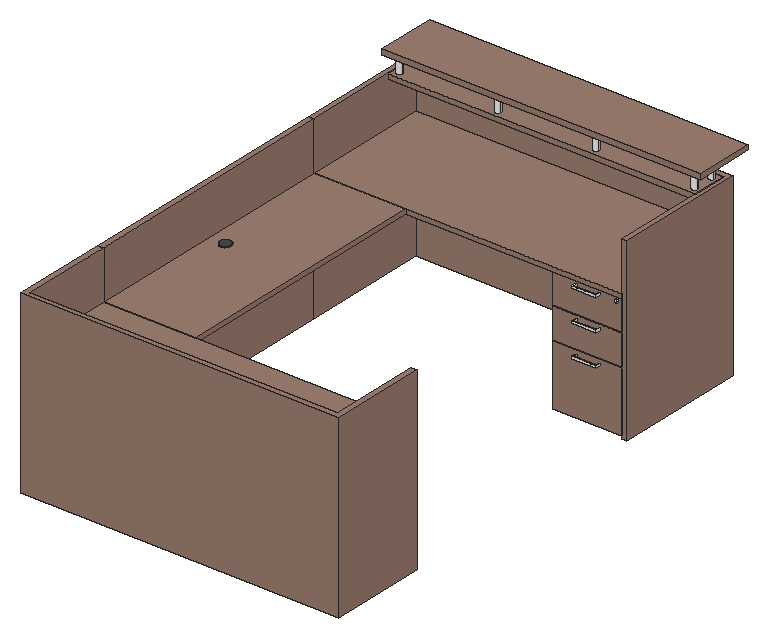
Revit family "T100016", category Furniture, Revit 2022
Family settings
  OmniClass Number = 23.40.20.00
  OmniClass Title = General Furniture and Specialties
  Work Plane-Based = No
  Always vertical = Yes
  Cut with Voids When Loaded = No
  Render Appearance Source = Family Geometry
  Shared = No
  Room Calculation Point = No
Parameters
  Default Elevation = 0' - 0"
Reference planes (in)
  plane 1 "Center Front/Back": y = 0
  plane 2: z = 0
  plane 3 "Center Left/Right": x = 0
Dimensions and locks (in)
  aligned and locked: level to plane 2
Nested families (in)
  nested 1: "OFS ELEMENT DESK PEDESTAL" at (-43.52271, 38.24399, 0), type "ELEMENT DESK PEDESTAL BOX/BOX/FILE RETURN"
  nested 2: "OFS ELEMENT U DESK 72in Width 60in Bridge" at (-70.52271, 27.90611, 0), type "ELEMENT U DESK LEFT 72in Width, 60In Bridge"
    with Desk Overlay Option yes
  nested 3: "OFS ELEMENT MULTI FILE PEDESTAL" at (-51.33521, -68, 0) x (-1, 0, 0) z (0, 0, 1), type "ELEMENT MULTI FILE PEDESTAL Right"
Definition of nested family "OFS ELEMENT DESK PEDESTAL"
  Parameters (values of type "ELEMENT DESK PEDESTAL FILE/FILE RETURN")
    Worksurface Material = none
    Width = 1' - 3 5/8"
    URL = "http://ofsbrands.com"
    Top Thickness = 0' - 0"
    Lateral Boads Thickness = 0' - 0 5/8"
    Frontboard Thickness = 0' - 0 3/4"
    Frontboard Space = 0' - 0 1/4"
    Drawer Handles Material = none
    Drawer Handle Width = 0' - 5 7/16"
    Drawer Handle Depth = 0' - 1"
    Drawer 1 Height = 1' - 2 1/2"
    Door Gap = 0' - 0 1/8"
    Depth = 2' - 3 5/8"
    Model = "EL-1628MFFC"
    Manufacturer = "OFS"
    Height = 2' - 4 13/16"
    Description = "OFS BRANDS OFS ELEMENT DESK PEDESTAL FILE/FILE RETURN, Two File Drawers"
    Default Elevation = 0' - 0"
    Copyright © = "© OFS BRANDS 2018"
    Chasis Material = none
    Catalog = "http://ofs.com/products/casegoods/reception/element"
    Bottomboard Thickness = 0' - 0 15/16"
    Bottom Board Offset = 0' - 0 9/16"
    Backboard Thickness = 0' - 0 15/16"
    Authoring Version = "Autodesk Revit Architecture 2013"
    Assembly Code = "E2020200"
    2 = no
    1 = yes
  Types (3): name | Model | Description | 2 | 1
    (no name) | "EL-1628MFFC" | "OFS BRANDS OFS ELEMENT DESK PEDESTAL FILE/FILE RETURN, Two File Drawers" | no | yes
    ELEMENT DESK PEDESTAL BOX/BOX/FILE RETURN | "EL-1628MBFC" | "OFS BRANDS OFS ELEMENT DESK PEDESTAL BOX/BOX/FILE RETURN, Two Box Drawers, One File Drawer" | yes | no
    ELEMENT DESK PEDESTAL FILE/FILE RETURN | "EL-1628MFFC" | "OFS BRANDS OFS ELEMENT DESK PEDESTAL FILE/FILE RETURN, Two File Drawers" | no | yes
  Reference planes (in)
    plane 1 "Center Front/Back": y = 0
    plane 2: z = 0
    plane 3 "Center Left/Right": x = 0
    plane 4 "Left End": x = -7.8125
    plane 5 "Front End": y = -27.625
    plane 6 "Right End": x = 7.8125
    plane 7 "Height Top": z = 28.8125
    plane 8: z = 0.5625
    plane 9: y = -0.9375
    plane 10: y = -27.375
    plane 11: x = 7.1875
    plane 12: x = -7.1875
    plane 13: y = -26.625
    plane 14: z = 1.5
    plane 15: z = 28.8125
    plane 16: x = 0
    plane 17: x = -2.71875
    plane 18: x = 2.71875
    plane 19: y = -28.375
    plane 20: y = -22.31418
    plane 21: x = -2.46875
    plane 22: y = -28.125
    plane 23: x = 2.46875
    plane 24: z = 27.8125
    plane 25: z = 27.3125
    plane 26: z = 14.5
    plane 27: z = 14.375
    plane 28: z = 21.65625
    plane 29: z = 21.53125
    plane 30: z = 20.65625
    plane 31: z = 20.15625
    plane 32: z = 13.5
    plane 33: z = 13
    plane 34: z = 14.96875
    plane 35: z = 14.03125
  Forms (in)
    Extrusion 1, solid, material <- "Chasis Material"
      sketch origin (-3.125, -5.41266, 0) x (1, 0, 0) y (0, 1, 0)
        loop
          line (-4.6875, 5.41266) -> (-4.6875, -21.21234) -> (-4.0625, -21.21234) -> (-4.0625, 5.41266) -> (-4.6875, 5.41266)
      from 0 to 28.8125
    Extrusion 2, solid, material <- "Chasis Material"
      sketch origin (37.875, -5.41266, 0) x (1, 0, 0) y (0, 1, 0)
        loop
          line (-30.6875, 5.41266) -> (-30.6875, -21.21234) -> (-30.0625, -21.21234) -> (-30.0625, 5.41266) -> (-30.6875, 5.41266)
      from 0 to 28.8125
    Extrusion 3, solid, material <- "Chasis Material"
      sketch origin (-5.10739, -10.02382, 0) x (1, 0, 0) y (0, 1, 0)
        loop
          line (-2.70511, -16.60118) -> (-2.70511, -17.35118) -> (12.91989, -17.35118) -> (12.91989, -16.60118) -> (-2.70511, -16.60118)
      from 0.5625 to 14.375
    Extrusion 4, solid, material <- "Chasis Material"
      sketch origin (0, 0, 0) x (1, 0, 0) y (0, 1, 0)
        loop
          line (-7.1875, -0.9375) -> (-7.1875, -26.625) -> (7.1875, -26.625) -> (7.1875, -0.9375) -> (-7.1875, -0.9375)
      from 0.5625 to 1.5
    Extrusion 5, solid, material <- "Drawer Handles Material"
      sketch origin (7.8125, 0, 0) x (1, 0, 0) y (0, 1, 0)
        loop
          line (-10.53125, -27.375) -> (-10.53125, -28.375) -> (-5.09375, -28.375) -> (-5.09375, -27.375) -> (-5.34375, -27.375) -> (-5.34375, -28.125) -> (-10.28125, -28.125) -> (-10.28125, -27.375) -> (-10.53125, -27.375)
      from 27.3125 to 27.8125
    Extrusion 6, solid, material <- "Drawer Handles Material", visible <- "2"
      sketch origin (7.8125, 0, -7.15625) x (1, 0, 0) y (0, 1, 0)
        loop
          line (-10.53125, -27.375) -> (-10.53125, -28.375) -> (-5.09375, -28.375) -> (-5.09375, -27.375) -> (-5.34375, -27.375) -> (-5.34375, -28.125) -> (-10.28125, -28.125) -> (-10.28125, -27.375) -> (-10.53125, -27.375)
      from 27.3125 to 27.8125
    Extrusion 7, solid, material <- "Drawer Handles Material"
      sketch origin (7.8125, 0, -14.3125) x (1, 0, 0) y (0, 1, 0)
        loop
          line (-10.53125, -27.375) -> (-10.53125, -28.375) -> (-5.09375, -28.375) -> (-5.09375, -27.375) -> (-5.34375, -27.375) -> (-5.34375, -28.125) -> (-10.28125, -28.125) -> (-10.28125, -27.375) -> (-10.53125, -27.375)
      from 27.3125 to 27.8125
    Extrusion 8, solid, material <- "Chasis Material", visible <- "1"
      sketch origin (-5.10739, -10.02382, 10.75) x (1, 0, 0) y (0, 1, 0)
        loop
          line (-2.70511, -16.60118) -> (-2.70511, -17.35118) -> (12.91989, -17.35118) -> (12.91989, -16.60118) -> (-2.70511, -16.60118)
      from 3.75 to 18.0625
    Extrusion 9, solid, material <- "Chasis Material", visible <- "2"
      sketch origin (-18.01928, -10.02382, 13.32115) x (-1, 0, 0) y (0, -1, 0)
        loop
          line (-25.83178, 16.60118) -> (-10.20678, 16.60118) -> (-10.20678, 17.35118) -> (-25.83178, 17.35118) -> (-25.83178, 16.60118)
      from 8.3351 to 15.49135
    Extrusion 10, solid, material <- "Chasis Material", visible <- "2"
      sketch origin (-20.85209, -10.02382, 6.64749) x (-1, 0, 0) y (0, -1, 0)
        loop
          line (-28.66459, 16.60118) -> (-13.03959, 16.60118) -> (-13.03959, 17.35118) -> (-28.66459, 17.35118) -> (-28.66459, 16.60118)
      from 7.85251 to 14.88376
    Extrusion 11, solid, material <- "Chasis Material"
      sketch origin (0, 0, 0) x (0, 1, 0) y (0, 0, 1)
        loop
          line (-22.87008, 28.23707) -> (-22.87008, 27.4375) -> (-20.37008, 27.4375) -> (-20.37008, 28.23707) -> (-22.87008, 28.23707)
        loop
          line (-2.53617, 27.4375) -> (-0.03617, 27.4375) -> (-0.03617, 28.23707) -> (-2.53617, 28.23707) -> (-2.53617, 27.4375)
        loop
          line (-0.9375, 23.05758) -> (-0.07543, 23.05758) -> (-0.07543, 25.55758) -> (-0.9375, 25.55758) -> (-0.9375, 23.05758)
        loop
          line (-0.9375, 3.00492) -> (-0.07543, 3.00492) -> (-0.07543, 5.50492) -> (-0.9375, 5.50492) -> (-0.9375, 3.00492)
      from -7.1875 to 7.1875
    Extrusion 12, solid, material <- "Chasis Material"
      sketch origin (0, 0, 0) x (1, 0, 0) y (0, 0, 1)
        loop
          line (-7.1875, 14.96875) -> (-7.1875, 14.03125) -> (7.1875, 14.03125) -> (7.1875, 14.96875) -> (-7.1875, 14.96875)
      from 0.9375 to 26.625
    Blend 13, solid, material <- "Drawer Handles Material"
      base sketch origin (-45.26475, -5.625, 1.53469) x (1, 0, 0) y (0, 0, 1)
        loop
          circle (51.8743, 26.01563) r 0.31101
      top sketch origin (-45.26475, -5.625, 1.53469) x (1, 0, 0) y (0, 0, 1)
        loop
          circle (51.8743, 26.01563) r 0.25
      from 21.75 to 22
  Dimensions and locks (in)
    "Height": plane 7 "Height Top" to level
    "Bottom Board Offset": plane 8 to level
    "Depth": plane 5 "Front End" to plane 1 "Center Front/Back"
    equal spacing: plane 4 "Left End", plane 3 "Center Left/Right", plane 6 "Right End"
    "Width": plane 4 "Left End" to plane 6 "Right End"
    "Backboard Thickness": plane 9 to plane 1 "Center Front/Back"
    "Frontboard Space": plane 10 to plane 5 "Front End"
    "Lateral Boads Thickness": plane 4 "Left End" to plane 12
    "Lateral Boads Thickness": plane 11 to plane 6 "Right End"
    "Frontboard Thickness": plane 13 to plane 10
    "Bottomboard Thickness": plane 14 to plane 8
    "Top Thickness": plane 7 "Height Top" to plane 15
    equal spacing: plane 17, plane 16, plane 18
    "Drawer Handle Width": plane 17 to plane 18
    "Drawer Handle Depth": plane 10 to plane 19
    locked: plane 17 to plane 21 at 0.25
    locked: plane 22 to plane 19 at 0.25
    locked: plane 18 to plane 23 at 0.25
    locked: plane 15 to plane 24 at 1
    locked: plane 24 to plane 25 at 0.5
    "Drawer 1 Height": plane 26 to level
    "Door Gap": plane 26 to plane 27
    equal spacing: plane 15, plane 28, plane 26
    "Door Gap": plane 28 to plane 29
    locked: plane 28 to plane 30 at 1
    locked: plane 30 to plane 31 at 0.5
    locked: plane 26 to plane 32 at 1
    locked: plane 32 to plane 33 at 0.5
    equal spacing: plane 34, plane 26, plane 35
    "Backboard Thickness": plane 34 to plane 35
    aligned and locked: level to plane 2
    aligned and locked: Extrusion 1 to plane 4 "Left End"
    aligned and locked: Extrusion 1 to plane 12
    aligned and locked: Extrusion 1 to plane 1 "Center Front/Back"
    aligned and locked: Extrusion 1 to plane 13
    aligned and locked: Extrusion 2 to plane 1 "Center Front/Back"
    aligned and locked: Extrusion 2 to plane 13
    aligned and locked: plane 11 to Extrusion 2
    aligned and locked: Extrusion 2 to plane 6 "Right End"
    aligned and locked: Extrusion 3 to plane 10
    aligned and locked: plane 13 to Extrusion 3
    aligned and locked: Extrusion 3 to plane 4 "Left End"
    aligned and locked: Extrusion 1 to plane 15
    aligned and locked: Extrusion 2 to plane 15
    aligned and locked: Extrusion 3 to plane 8
    aligned and locked: Extrusion 2 to level
    aligned and locked: Extrusion 1 to level
    aligned and locked: Extrusion 4 sketch curve to plane 9
    aligned and locked: Extrusion 4 sketch curve to plane 12
    aligned and locked: plane 11 to Extrusion 4 sketch curve
    aligned and locked: plane 13 to Extrusion 4 sketch curve
    aligned and locked: Extrusion 4 to plane 8
    aligned and locked: plane 14 to Extrusion 4
    aligned and locked: Extrusion 5 sketch curve to plane 17
    aligned and locked: Extrusion 5 sketch curve to plane 10  (x2)
    aligned and locked: Extrusion 5 sketch curve to plane 22
    aligned and locked: plane 18 to Extrusion 5 sketch curve
    aligned and locked: Extrusion 5 sketch curve to plane 23
    aligned and locked: plane 24 to Extrusion 5
    aligned and locked: Extrusion 5 to plane 25
    aligned and locked: plane 30 to Extrusion 6
    aligned and locked: Extrusion 6 to plane 31
    aligned and locked: plane 32 to Extrusion 7
    aligned and locked: Extrusion 7 to plane 33
    aligned and locked: plane 27 to Extrusion 3
    aligned and locked: Extrusion 8 to plane 4 "Left End"
    aligned and locked: Extrusion 9 to plane 28
    aligned and locked: plane 29 to Extrusion 10
    aligned and locked: Extrusion 10 to plane 26
    aligned and locked: Extrusion 9 to plane 15
    aligned and locked: Extrusion 8 to plane 15
    aligned and locked: Extrusion 8 to plane 26
    aligned and locked: plane 12 to Extrusion 11
    aligned and locked: Extrusion 11 to plane 11
    aligned and locked: plane 11 to Extrusion 12 sketch curve
    aligned and locked: Extrusion 12 sketch curve to plane 12
    aligned and locked: Extrusion 12 sketch curve to plane 34
    aligned and locked: Extrusion 12 sketch curve to plane 35
    aligned and locked: Extrusion 12 to plane 13
    aligned and locked: plane 9 to Extrusion 12
    aligned and locked: Extrusion 9 to plane 6 "Right End"
    aligned and locked: Extrusion 8 to plane 6 "Right End"
    aligned and locked: Extrusion 10 to plane 6 "Right End"
    aligned and locked: Extrusion 3 to plane 6 "Right End"
    aligned and locked: plane 16 to plane 3 "Center Left/Right"
  Automatic sketch dimensions
    Extrusion 1 sketch curve to plane 4 "Left End" = 0' - 0"
    Extrusion 1 sketch curve to plane 12 = 0' - 0"
    Extrusion 1 sketch curve to plane 13 = 0' - 0"
    plane 1 "Center Front/Back" to Extrusion 1 sketch curve = 0' - 0"
    Extrusion 2 sketch curve to plane 11 = 0' - 0"
    Extrusion 2 sketch curve to plane 6 "Right End" = 0' - 0"
    Extrusion 2 sketch curve to plane 13 = 0' - 0"
    plane 1 "Center Front/Back" to Extrusion 2 sketch curve = 0' - 0"
    Extrusion 3 sketch curve to plane 4 "Left End" = 0' - 0"
    Extrusion 3 sketch curve to plane 10 = 0' - 0"
    Extrusion 3 sketch curve to plane 13 = 0' - 0"
    Extrusion 5 sketch curve to plane 21 = 0' - 0"
    Extrusion 5 sketch curve to plane 19 = 0' - 0"
    Extrusion 6 sketch curve to plane 10 = 0' - 0"  (x2)
    Extrusion 6 sketch curve to plane 17 = 0' - 0"
    Extrusion 6 sketch curve to plane 21 = 0' - 0"
    Extrusion 6 sketch curve to plane 23 = 0' - 0"
    Extrusion 6 sketch curve to plane 18 = 0' - 0"
    Extrusion 6 sketch curve to plane 19 = 0' - 0"
    plane 22 to Extrusion 6 sketch curve = 0' - 0"
    Extrusion 7 sketch curve to plane 10 = 0' - 0"  (x2)
    Extrusion 7 sketch curve to plane 17 = 0' - 0"
    Extrusion 7 sketch curve to plane 21 = 0' - 0"
    Extrusion 7 sketch curve to plane 23 = 0' - 0"
    Extrusion 7 sketch curve to plane 18 = 0' - 0"
    Extrusion 7 sketch curve to plane 19 = 0' - 0"
    plane 22 to Extrusion 7 sketch curve = 0' - 0"
    Extrusion 8 sketch curve to plane 4 "Left End" = 0' - 0"
    Extrusion 8 sketch curve to plane 10 = 0' - 0"
    Extrusion 8 sketch curve to plane 13 = 0' - 0"
    Extrusion 9 sketch curve to plane 10 = 0' - 0"
    Extrusion 9 sketch curve to plane 4 "Left End" = 0' - 0"
    Extrusion 9 sketch curve to plane 13 = 0' - 0"
    Extrusion 10 sketch curve to plane 10 = 0' - 0"
    Extrusion 10 sketch curve to plane 4 "Left End" = 0' - 0"
    Extrusion 10 sketch curve to plane 13 = 0' - 0"
    Extrusion 11 sketch curve to plane 9 = 0' - 0"  (x2)
    plane 1 "Center Front/Back" to Extrusion 11 sketch curve = 0' - 0.07543"  (x2)
    plane 14 to Extrusion 11 sketch curve = 0' - 1.50492"
    plane 25 to Extrusion 11 sketch curve = 0' - 0 1/8"  (x2)
    Extrusion 11 sketch curve to plane 9 = 0' - 1.59867"
    plane 13 to Extrusion 11 sketch curve = 0' - 6.25492"
    plane 24 to Extrusion 11 sketch curve = 0' - 0.42457"  (x2)
    Extrusion 11 sketch curve to Extrusion 11 sketch curve = 0' - 2 1/2"  (x2)
    plane 1 "Center Front/Back" to Extrusion 11 sketch curve = 0' - 0.03617"
    plane 28 to Extrusion 11 sketch curve = 0' - 1.40133"
    Extrusion 11 sketch curve to plane 25 = 0' - 1.75492"
    plane 3 "Center Left/Right" to Extrusion 3 sketch curve = 0' - 7 13/16"
    plane 3 "Center Left/Right" to Extrusion 8 sketch curve = 0' - 7 13/16"
    plane 3 "Center Left/Right" to Extrusion 9 sketch curve = 0' - 7 13/16"
    plane 3 "Center Left/Right" to Extrusion 10 sketch curve = 0' - 7 13/16"
    plane 25 to Blend 13 sketch curve = 0' - 0.23781"  (x2)
    plane 11 to Blend 13 sketch curve = 0' - 0.57795"  (x2)
    radius of Blend 13 sketch curve = 0' - 0.31101"
    radius of Blend 13 sketch curve = 0' - 0 1/4"
Definition of nested family "OFS ELEMENT U DESK 72in Width 60in Bridge"
  Parameters (values of type "ELEMENT U DESK LEFT 72in Width, 60In Bridge")
    Worksurface Material = none
    Width = 6' - 0"
    URL = "http://www.ofsbrands.com/"
    Transaction Shelf Material = none
    Table Supp from Lateral = 0' - 2 5/8"
    Table Supp from Center = 0' - 11 1/8"
    Table Depth = 1' - 1 1/2"
    Right Bridge Option = no
    Return Worksurface Width = 1' - 10"
    Model = "EL-T72LU60"
    Manufacturer = "OFS"
    Left Bridge Option = yes
    Lateral Board Thickness = 0' - 1 3/16"
    Height = 3' - 9"
    Standoffs Material = none
    Groomet Material = none
    Desk Overlay Thickness = 0' - 0 1/8"
    Desk Overlay Option [instance] = yes
    Desk Overlay Material = none
    Desk Overlay = 0' - 6 1/2"
    Description = "OFS BRANDS OFS ELEMENT U DESK LEFT BRIDGE 72\" Width, 72\"W x 34.3125\"D DESK, 60\"W x 22\"D BRIDGE, 72\"W x 22\"D CREDENZA."
    Desk Depth = 2' - 10 5/16"
    Depth = 9' - 7 13/16"
    Default Elevation = 0' - 0"
    Credenza Depth = 1' - 10"
    Copyright © = "© 2018 OFS BRANDS"
    Catalog = "http://ofs.com/products/casegoods/reception/element"
    Bottom Board Offset = 0' - 0"
    Chassis Material = none
    Base Depth = 2' - 6"
    Back Board Thickness = 0' - 1 3/16"
    Authoring Version = "Autodesk Revit Architecture 2013"
    Assembly Code = "E2020200"
  Types (3): name | Right Bridge Option | Model | Left Bridge Option | Description
    (no name) | no | "EL-T72LU60" | yes | "OFS BRANDS OFS ELEMENT U DESK LEFT BRIDGE 72\" Width, 72\"W x 34.3125\"D DESK, 60\"W x 22\"D BRIDGE, 72\"W x 22\"D CREDENZA."
    ELEMENT U DESK LEFT 72in Width, 60In Bridge | no | "EL-T72LU60" | yes | "OFS BRANDS OFS ELEMENT U DESK LEFT BRIDGE 72\" Width, 72\"W x 34.3125\"D DESK, 60\"W x 22\"D BRIDGE, 72\"W x 22\"D CREDENZA."
    ELEMENT U DESK RIGHT 72in Width, 60In Bridge | yes | "EL-T72RU60" | no | "OFS BRANDS OFS ELEMENT U DESK RIGHT BRIDGE 72\" Width, 72\"W x 34.3125\"D DESK, 60\"W x 22\"D BRIDGE, 72\"W x 22\"D CREDENZA."
  Reference planes (in)
    plane 1 "Center Front/Back": y = 0
    plane 2: z = 0
    plane 3 "Center Left/Right": x = 0
    plane 4 "Back External": y = 17.15625
    plane 5 "Right External": x = 36
    plane 6 "Front External": y = -17.15625
    plane 7 "Left External": x = -36
    plane 8 "Seat Height": z = 29.5
    plane 9 "Height": z = 45
    plane 10: x = 34.8125
    plane 11: x = -34.8125
    plane 12: y = 12.84375
    plane 13: y = 11.65625
    plane 14: y = 3.65625
    plane 15: z = 40.5
    plane 16: z = 28.5
    plane 17: z = 43.875
    plane 18: z = 39.375
    plane 19: z = 0
    plane 20: x = -33.375
    plane 21: x = -11.125
    plane 22: x = 33.375
    plane 23: x = 11.125
    plane 24: x = 29.5
    plane 25: x = -29.5
    plane 26: z = 6.5
    plane 27: z = 34
    plane 28: y = 12.96875
    plane 29: y = -76.65625
    plane 30: x = -14
    plane 31: x = 14
    plane 32: x = -31
    plane 33: x = 31
    plane 34: y = -46.90625
    plane 35: y = -98.65625
    plane 36: y = -97.46875
    plane 37: y = -93.65625
  Forms (in)
    Extrusion 1, solid, material <- "Worksurface Material"
      sketch origin (0, 0, 0) x (1, 0, 0) y (0, 1, 0)
        loop
          line (-34.8125, 11.65625) -> (-34.8125, -17.15625) -> (34.8125, -17.15625) -> (34.8125, 11.65625) -> (-34.8125, 11.65625)
      from 28.5 to 29.5
    Extrusion 2, solid, material <- "Chassis Material"
      sketch origin (0, 0, 0) x (1, 0, 0) y (0, 1, 0)
        loop
          line (-36, -17.15625) -> (-34.8125, -17.15625) -> (-34.8125, 11.65625) -> (34.8125, 11.65625) -> (34.8125, -17.15625) -> (36, -17.15625) -> (36, 12.84375) -> (-36, 12.84375) -> (-36, -17.15625)
      from 0 to 40.5
    Extrusion 3, solid, material <- "Chassis Material"
      sketch origin (0, 0, 6) x (1, 0, 0) y (0, 1, 0)
        loop
          line (-34.8125, 11.65625) -> (-34.8125, 3.65625) -> (34.8125, 3.65625) -> (34.8125, 11.65625) -> (-34.8125, 11.65625)
      from 33.375 to 34.5
    Extrusion 4, solid, material <- "Transaction Shelf Material"
      sketch origin (0, 0, 6) x (1, 0, 0) y (0, 1, 0)
        loop
          line (-36, 17.15625) -> (-36, 3.65625) -> (36, 3.65625) -> (36, 17.15625) -> (-36, 17.15625)
      from 37.875 to 39
    Extrusion 5, solid, material <- "Standoffs Material"
      sketch origin (0, 0, 0) x (1, 0, 0) y (0, 1, 0)
        loop
          circle (-33.375, 10.04085) r 0.625
      from 40.5 to 43.875
    Extrusion 6, solid, material <- "Standoffs Material"
      sketch origin (0, -4.75, 0) x (1, 0, 0) y (0, 1, 0)
        loop
          circle (-33.375, 10.04085) r 0.625
      from 40.5 to 43.875
    Extrusion 7, solid, material <- "Standoffs Material"
      sketch origin (22.25, 0, 0) x (1, 0, 0) y (0, 1, 0)
        loop
          circle (-33.375, 10.04085) r 0.625
      from 40.5 to 43.875
    Extrusion 8, solid, material <- "Standoffs Material"
      sketch origin (22.25, -4.75, 0) x (1, 0, 0) y (0, 1, 0)
        loop
          circle (-33.375, 10.04085) r 0.625
      from 40.5 to 43.875
    Extrusion 9, solid, material <- "Standoffs Material"
      sketch origin (44.5, 0, 0) x (1, 0, 0) y (0, 1, 0)
        loop
          circle (-33.375, 10.04085) r 0.625
      from 40.5 to 43.875
    Extrusion 10, solid, material <- "Standoffs Material"
      sketch origin (44.5, -4.75, 0) x (1, 0, 0) y (0, 1, 0)
        loop
          circle (-33.375, 10.04085) r 0.625
      from 40.5 to 43.875
    Extrusion 11, solid, material <- "Standoffs Material"
      sketch origin (66.75, 0, 0) x (1, 0, 0) y (0, 1, 0)
        loop
          circle (-33.375, 10.04085) r 0.625
      from 40.5 to 43.875
    Extrusion 12, solid, material <- "Standoffs Material"
      sketch origin (66.75, -4.75, 0) x (1, 0, 0) y (0, 1, 0)
        loop
          circle (-33.375, 10.04085) r 0.625
      from 40.5 to 43.875
    Extrusion 13, solid, material <- "Desk Overlay Material", visible <- "Desk Overlay Option"
      sketch origin (0, 0, 0) x (1, 0, 0) y (0, 0, 1)
        loop
          line (29.5, 34) -> (-29.5, 34) -> (-29.5, 6.5) -> (29.5, 6.5) -> (29.5, 34)
      from -12.96875 to -12.84375
    Extrusion 14, solid, material <- "Chassis Material", visible <- "Left Bridge Option"
      sketch origin (0, 0, 0) x (1, 0, 0) y (0, 1, 0)
        loop
          line (-36, -17.15625) -> (-36, -76.65625) -> (-34.8125, -76.65625) -> (-34.8125, -17.15625) -> (-36, -17.15625)
      from 0 to 40.5
    Extrusion 15, solid, material <- "Worksurface Material", visible <- "Left Bridge Option"
      sketch origin (14.83926, -32.43958, 0) x (1, 0, 0) y (0, 1, 0)
        loop
          line (-49.65176, 15.28333) -> (-49.65176, -44.21667) -> (-28.83926, -44.21667) -> (-28.83926, 15.28333) -> (-49.65176, 15.28333)
      from 28.5 to 29.5
    Extrusion 16, solid, material <- "Chassis Material", visible <- "Right Bridge Option"
      sketch origin (0, 0, 0) x (-1, 0, 0) y (0, -1, 0)
        loop
          line (-36, 17.15625) -> (-34.8125, 17.15625) -> (-34.8125, 76.65625) -> (-36, 76.65625) -> (-36, 17.15625)
      from 0 to 40.5
    Extrusion 17, solid, material <- "Worksurface Material", visible <- "Right Bridge Option"
      sketch origin (-14.83926, -32.43958, 0) x (-1, 0, 0) y (0, -1, 0)
        loop
          line (-49.65176, -15.28333) -> (-28.83926, -15.28333) -> (-28.83926, 44.21667) -> (-49.65176, 44.21667) -> (-49.65176, -15.28333)
      from 28.5 to 29.5
    Extrusion 18, solid, material <- "Groomet Material", visible <- "Left Bridge Option"
      sketch origin (0, 0, 0) x (1, 0, 0) y (0, 1, 0)
        loop
          circle (-31, -46.90625) r 1.25
      from 29.5 to 29.625
    Extrusion 19, solid, material <- "Groomet Material", visible <- "Right Bridge Option"
      sketch origin (0, 0, 0) x (-1, 0, 0) y (0, -1, 0)
        loop
          circle (-31, 46.90625) r 1.25
      from 29.5 to 29.625
    Extrusion 20, solid, material <- "Chassis Material"
      sketch origin (0, -82.3125, 0) x (1, 0, 0) y (0, 1, 0)
        loop
          line (-36, 5.65625) -> (-36, -16.34375) -> (36, -16.34375) -> (36, 5.65625) -> (34.8125, 5.65625) -> (34.8125, -15.15625) -> (-34.8125, -15.15625) -> (-34.8125, 5.65625) -> (-36, 5.65625)
      from 0 to 40.5
    Extrusion 21, solid, material <- "Worksurface Material"
      sketch origin (0, -82.3125, 0) x (1, 0, 0) y (0, 1, 0)
        loop
          line (-34.8125, -15.15625) -> (34.8125, -15.15625) -> (34.8125, 5.65625) -> (-34.8125, 5.65625) -> (-34.8125, -15.15625)
      from 28.5 to 29.5
    Extrusion 22, solid, material <- "Groomet Material"
      sketch origin (31, -41.59375, 0) x (1, 0, 0) y (0, 1, 0)
        loop
          circle (-31, -52.0625) r 1.25
      from 29.5 to 29.625
  Dimensions and locks (in)
    equal spacing: plane 7 "Left External", plane 3 "Center Left/Right", plane 5 "Right External"
    "Width": plane 7 "Left External" to plane 5 "Right External"
    equal spacing: plane 6 "Front External", plane 1 "Center Front/Back", plane 4 "Back External"
    "Desk Depth": plane 4 "Back External" to plane 6 "Front External"
    plane 8 "Seat Height" to level = 2' - 5 1/2"
    "Height": plane 9 "Height" to level
    "Lateral Board Thickness": plane 7 "Left External" to plane 11
    "Lateral Board Thickness": plane 10 to plane 5 "Right External"
    "Base Depth": plane 12 to plane 6 "Front External"
    "Back Board Thickness": plane 12 to plane 13
    "Table Depth": plane 4 "Back External" to plane 14
    plane 15 to level = 3' - 4 1/2"
    "Bottom Board Offset": plane 19 to level
    "Table Supp from Lateral": plane 7 "Left External" to plane 20
    "Table Supp from Center": plane 21 to plane 3 "Center Left/Right"
    "Table Supp from Lateral": plane 5 "Right External" to plane 22
    "Table Supp from Center": plane 23 to plane 3 "Center Left/Right"
    "Desk Overlay": plane 5 "Right External" to plane 24
    "Desk Overlay": plane 25 to plane 7 "Left External"
    plane 25 to plane 24 = 4' - 11"
    "Desk Overlay": plane 27 to plane 15
    "Desk Overlay": plane 19 to plane 26
    "Desk Overlay Thickness": plane 28 to plane 12
    "Depth": plane 4 "Back External" to plane 35
    "Return Worksurface Width": plane 7 "Left External" to plane 30
    "Return Worksurface Width": plane 31 to plane 5 "Right External"
    plane 7 "Left External" to plane 32 = 0' - 5"
    plane 33 to plane 5 "Right External" = 0' - 5"
    equal spacing: plane 6 "Front External", plane 34, plane 29
    "Credenza Depth": plane 29 to plane 35
    "Back Board Thickness": plane 35 to plane 36
    plane 35 to plane 37 = 0' - 5"
    aligned and locked: level to plane 2
    aligned and locked: Extrusion 1 sketch curve to plane 13
    aligned and locked: Extrusion 1 sketch curve to plane 11
    aligned and locked: plane 6 "Front External" to Extrusion 1 sketch curve
    aligned and locked: Extrusion 1 sketch curve to plane 10
    aligned and locked: plane 7 "Left External" to Extrusion 2 sketch curve
    aligned and locked: Extrusion 2 sketch curve to Extrusion 1  (x3)
    aligned and locked: plane 12 to Extrusion 2 sketch curve
    aligned and locked: plane 5 "Right External" to Extrusion 2 sketch curve
    aligned and locked: Extrusion 1 to Extrusion 2 sketch curve
    aligned and locked: Extrusion 2 sketch curve to plane 13
    aligned and locked: Extrusion 2 to plane 19
    aligned and locked: Extrusion 1 to plane 16
    aligned and locked: plane 8 "Seat Height" to Extrusion 1
    aligned and locked: Extrusion 3 to plane 18
    aligned and locked: plane 11 to Extrusion 3
    aligned and locked: plane 10 to Extrusion 3
    aligned and locked: plane 13 to Extrusion 3
    aligned and locked: Extrusion 3 to plane 14
    aligned and locked: Extrusion 4 to plane 14
    aligned and locked: plane 4 "Back External" to Extrusion 4
    aligned and locked: plane 9 "Height" to Extrusion 4
    aligned and locked: Extrusion 4 to plane 17
    aligned and locked: plane 5 "Right External" to Extrusion 4
    aligned and locked: Extrusion 4 to plane 7 "Left External"
    aligned and locked: Extrusion 13 sketch curve to plane 27
    aligned and locked: Extrusion 13 sketch curve to plane 24
    aligned and locked: Extrusion 13 sketch curve to plane 26
    aligned and locked: Extrusion 13 sketch curve to plane 25
    aligned and locked: Extrusion 13 to plane 12
    aligned and locked: Extrusion 13 to plane 28
    aligned and locked: plane 29 to Extrusion 14 sketch curve
    aligned and locked: Extrusion 14 sketch curve to plane 6 "Front External"
    aligned and locked: plane 11 to Extrusion 15
    aligned and locked: plane 6 "Front External" to Extrusion 15
    aligned and locked: Extrusion 15 to plane 30
    aligned and locked: plane 6 "Front External" to Extrusion 17
    aligned and locked: Extrusion 17 to plane 31
    aligned and locked: Extrusion 17 to plane 10
    aligned and locked: plane 6 "Front External" to Extrusion 16
    aligned and locked: Extrusion 16 to plane 10
    aligned and locked: Extrusion 16 to plane 5 "Right External"
    aligned and locked: Extrusion 16 to plane 29
    aligned and locked: Extrusion 14 to plane 19
    aligned and locked: Extrusion 16 to plane 19
    aligned and locked: plane 15 to Extrusion 16
    aligned and locked: plane 15 to Extrusion 14
    aligned and locked: Extrusion 15 to plane 29
    aligned and locked: Extrusion 17 to plane 29
    aligned and locked: Extrusion 20 sketch curve to plane 35
    aligned and locked: plane 36 to Extrusion 20 sketch curve
  Automatic sketch dimensions
    Extrusion 3 sketch curve to plane 11 = 0' - 0"
    Extrusion 3 sketch curve to plane 10 = 0' - 0"
    Extrusion 3 sketch curve to plane 14 = 0' - 0"
    Extrusion 3 sketch curve to plane 13 = 0' - 0"
    Extrusion 4 sketch curve to plane 7 "Left External" = 0' - 0"
    Extrusion 4 sketch curve to plane 5 "Right External" = 0' - 0"
    Extrusion 4 sketch curve to plane 14 = 0' - 0"
    Extrusion 4 sketch curve to plane 4 "Back External" = 0' - 0"
    Extrusion 5 sketch curve to plane 20 = 0' - 0"
    Extrusion 5 sketch curve to plane 13 = 0' - 1.6154"
    Extrusion 6 sketch curve to plane 20 = 0' - 0"
    plane 14 to Extrusion 6 sketch curve = 0' - 1.6346"
    Extrusion 7 sketch curve to plane 21 = 0' - 0"
    Extrusion 7 sketch curve to plane 13 = 0' - 1.6154"
    Extrusion 8 sketch curve to plane 21 = 0' - 0"
    plane 14 to Extrusion 8 sketch curve = 0' - 1.6346"
    Extrusion 9 sketch curve to plane 23 = 0' - 0"
    Extrusion 9 sketch curve to plane 13 = 0' - 1.6154"
    Extrusion 10 sketch curve to plane 23 = 0' - 0"
    plane 14 to Extrusion 10 sketch curve = 0' - 1.6346"
    Extrusion 11 sketch curve to plane 22 = 0' - 0"
    Extrusion 11 sketch curve to plane 13 = 0' - 1.6154"
    Extrusion 12 sketch curve to plane 22 = 0' - 0"
    plane 14 to Extrusion 12 sketch curve = 0' - 1.6346"
    Extrusion 14 sketch curve to plane 7 "Left External" = 0' - 0"
    Extrusion 14 sketch curve to plane 11 = 0' - 0"
    Extrusion 15 sketch curve to plane 11 = 0' - 0"
    Extrusion 15 sketch curve to plane 29 = 0' - 0"
    Extrusion 15 sketch curve to plane 30 = 0' - 0"
    Extrusion 15 sketch curve to plane 6 "Front External" = 0' - 0"
    Extrusion 16 sketch curve to plane 5 "Right External" = 0' - 0"
    Extrusion 16 sketch curve to plane 10 = 0' - 0"
    Extrusion 16 sketch curve to plane 29 = 0' - 0"
    Extrusion 16 sketch curve to plane 6 "Front External" = 0' - 0"
    Extrusion 17 sketch curve to plane 10 = 0' - 0"
    Extrusion 17 sketch curve to plane 29 = 0' - 0"
    Extrusion 17 sketch curve to plane 31 = 0' - 0"
    Extrusion 17 sketch curve to plane 6 "Front External" = 0' - 0"
    Extrusion 18 sketch curve to plane 32 = 0' - 0"
    Extrusion 18 sketch curve to plane 34 = 0' - 0"
    Extrusion 19 sketch curve to plane 33 = 0' - 0"
    Extrusion 19 sketch curve to plane 34 = 0' - 0"
    Extrusion 20 sketch curve to plane 7 "Left External" = 0' - 0"
    Extrusion 20 sketch curve to plane 11 = 0' - 0"
    Extrusion 20 sketch curve to plane 10 = 0' - 0"
    Extrusion 20 sketch curve to plane 5 "Right External" = 0' - 0"
    Extrusion 20 sketch curve to plane 29 = 0' - 0"  (x2)
    Extrusion 21 sketch curve to plane 11 = 0' - 0"
    Extrusion 21 sketch curve to plane 10 = 0' - 0"
    Extrusion 21 sketch curve to plane 29 = 0' - 0"
    plane 36 to Extrusion 21 sketch curve = 0' - 0"
    Extrusion 22 sketch curve to plane 3 "Center Left/Right" = 0' - 0"
    Extrusion 22 sketch curve to plane 37 = 0' - 0"
    radius of Extrusion 5 sketch curve = 0' - 0 5/8"
    radius of Extrusion 6 sketch curve = 0' - 0 5/8"
    radius of Extrusion 7 sketch curve = 0' - 0 5/8"
    radius of Extrusion 8 sketch curve = 0' - 0 5/8"
    radius of Extrusion 9 sketch curve = 0' - 0 5/8"
    radius of Extrusion 10 sketch curve = 0' - 0 5/8"
    radius of Extrusion 11 sketch curve = 0' - 0 5/8"
    radius of Extrusion 12 sketch curve = 0' - 0 5/8"
    radius of Extrusion 18 sketch curve = 0' - 1 1/4"
    radius of Extrusion 19 sketch curve = 0' - 1 1/4"
    radius of Extrusion 22 sketch curve = 0' - 1 1/4"
Definition of nested family "OFS ELEMENT MULTI FILE PEDESTAL"
  Parameters (values of type "ELEMENT MULTI FILE PEDESTAL Left")
    Worksurface Material = none
    Width = 2' - 7 1/4"
    URL = "http://ofsbrands.com"
    Top Thickness = 0' - 0"
    R = no
    Lateral Boads Thickness = 0' - 0 5/8"
    L = yes
    Frontboard Thickness = 0' - 0 3/4"
    Frontboard Space = 0' - 0 1/4"
    Drawer Handles Material = none
    Drawer Handle Width = 0' - 5 7/16"
    Drawer Handle Depth = 0' - 1"
    Drawer 1 Height = 1' - 2 1/2"
    Door Gap = 0' - 0 1/8"
    Depth = 1' - 7 5/8"
    Model = "EL-3120MMFL"
    Manufacturer = "OFS"
    Height = 2' - 4 13/16"
    Description = "OFS BRANDS OFS ELEMENT MULTI FILE PEDESTAL, File Drawer on Left, Box/Box Drawers on Right"
    Default Elevation = 0' - 0"
    Copyright © = "© OFS BRANDS 2018"
    Chasis Material = none
    Catalog = "http://ofs.com/products/casegoods/reception/element"
    Bottomboard Thickness = 0' - 0 15/16"
    Bottom Board Offset = 0' - 0 9/16"
    Backboard Thickness = 0' - 0 15/16"
    Authoring Version = "Autodesk Revit Architecture 2013"
    Assembly Code = "E2020200"
  Types (3): name | R | L | Model | Description
    (no name) | no | yes | "EL-3120MMFL" | "OFS BRANDS OFS ELEMENT MULTI FILE PEDESTAL, File Drawer on Left, Box/Box Drawers on Right"
    ELEMENT MULTI FILE PEDESTAL Left | no | yes | "EL-3120MMFL" | "OFS BRANDS OFS ELEMENT MULTI FILE PEDESTAL, File Drawer on Left, Box/Box Drawers on Right"
    ELEMENT MULTI FILE PEDESTAL Right | yes | no | "EL-3120MMFR" | "OFS BRANDS OFS ELEMENT MULTI FILE PEDESTAL, File Drawer on Right, Box/Box Drawers on Left"
  Reference planes (in)
    plane 1 "Center Front/Back": y = 0
    plane 2: z = 0
    plane 3 "Center Left/Right": x = 0
    plane 4 "Left End": x = -15.625
    plane 5 "Front End": y = -19.625
    plane 6 "Right End": x = 15.625
    plane 7 "Height Top": z = 28.8125
    plane 8: z = 0.5625
    plane 9: y = -0.9375
    plane 10: y = -19.375
    plane 11: x = 15
    plane 12: x = -15
    plane 13: y = -18.625
    plane 14: z = 1.5
    plane 15: z = 28.8125
    plane 16: x = -0.0625
    plane 17: x = 0.0625
    plane 18: x = 7.8125
    plane 19: x = -7.8125
    plane 20: x = -10.53125
    plane 21: x = -5.09375
    plane 22: x = 10.53125
    plane 23: x = 5.09375
    plane 24: y = -20.375
    plane 25: y = -22.31418
    plane 26: x = -10.28125
    plane 27: y = -20.125
    plane 28: x = -5.34375
    plane 29: z = 27.8125
    plane 30: z = 27.3125
    plane 31: x = 10.28125
    plane 32: x = 5.34375
    plane 33: z = 14.5
    plane 34: z = 14.375
    plane 35: z = 21.65625
    plane 36: z = 21.53125
    plane 37: z = 20.65625
    plane 38: z = 20.15625
    plane 39: z = 13.5
    plane 40: z = 13
    plane 41: x = 0.46875
    plane 42: x = -0.46875
    plane 43: z = 14.96875
    plane 44: z = 14.03125
  Forms (in)
    Extrusion 1, solid, material <- "Chasis Material"
      sketch origin (-3.125, -5.41266, 0) x (1, 0, 0) y (0, 1, 0)
        loop
          line (-12.5, 5.41266) -> (-12.5, -13.21234) -> (-11.875, -13.21234) -> (-11.875, 5.41266) -> (-12.5, 5.41266)
      from 0 to 28.8125
    Extrusion 2, solid, material <- "Chasis Material"
      sketch origin (37.875, -5.41266, 0) x (1, 0, 0) y (0, 1, 0)
        loop
          line (-22.875, 5.41266) -> (-22.875, -13.21234) -> (-22.25, -13.21234) -> (-22.25, 5.41266) -> (-22.875, 5.41266)
      from 0 to 28.8125
    Extrusion 3, solid, material <- "Chasis Material"
      sketch origin (-5.10739, -10.02382, 0) x (1, 0, 0) y (0, 1, 0)
        loop
          line (-10.51761, -8.60118) -> (-10.51761, -9.35118) -> (5.04489, -9.35118) -> (5.04489, -8.60118) -> (-10.51761, -8.60118)
      from 0.5625 to 14.375
    Extrusion 4, solid, material <- "Chasis Material"
      sketch origin (14.89261, -10.02382, 0) x (1, 0, 0) y (0, 1, 0)
        loop
          line (-14.83011, -8.60118) -> (-14.83011, -9.35118) -> (0.73239, -9.35118) -> (0.73239, -8.60118) -> (-14.83011, -8.60118)
      from 0.5625 to 14.375
    Extrusion 5, solid, material <- "Chasis Material"
      sketch origin (0, 0, 0) x (1, 0, 0) y (0, 1, 0)
        loop
          line (-15, -0.9375) -> (-15, -18.625) -> (15, -18.625) -> (15, -0.9375) -> (-15, -0.9375)
      from 0.5625 to 1.5
    Extrusion 6, solid, material <- "Drawer Handles Material"
      sketch origin (0, 0, 0) x (1, 0, 0) y (0, 1, 0)
        loop
          line (-10.53125, -19.375) -> (-10.53125, -20.375) -> (-5.09375, -20.375) -> (-5.09375, -19.375) -> (-5.34375, -19.375) -> (-5.34375, -20.125) -> (-10.28125, -20.125) -> (-10.28125, -19.375) -> (-10.53125, -19.375)
      from 27.3125 to 27.8125
    Extrusion 7, solid, material <- "Drawer Handles Material"
      sketch origin (11, 0, 0) x (1, 0, 0) y (0, 1, 0)
        loop
          line (-5.90625, -19.375) -> (-5.90625, -20.375) -> (-0.46875, -20.375) -> (-0.46875, -19.375) -> (-0.71875, -19.375) -> (-0.71875, -20.125) -> (-5.65625, -20.125) -> (-5.65625, -19.375) -> (-5.90625, -19.375)
      from 27.3125 to 27.8125
    Extrusion 8, solid, material <- "Drawer Handles Material", visible <- "R"
      sketch origin (0, 0, -7.15625) x (1, 0, 0) y (0, 1, 0)
        loop
          line (-10.53125, -19.375) -> (-10.53125, -20.375) -> (-5.09375, -20.375) -> (-5.09375, -19.375) -> (-5.34375, -19.375) -> (-5.34375, -20.125) -> (-10.28125, -20.125) -> (-10.28125, -19.375) -> (-10.53125, -19.375)
      from 27.3125 to 27.8125
    Extrusion 9, solid, material <- "Drawer Handles Material", visible <- "L"
      sketch origin (11, 0, -7.15625) x (1, 0, 0) y (0, 1, 0)
        loop
          line (-5.90625, -19.375) -> (-5.90625, -20.375) -> (-0.46875, -20.375) -> (-0.46875, -19.375) -> (-0.71875, -19.375) -> (-0.71875, -20.125) -> (-5.65625, -20.125) -> (-5.65625, -19.375) -> (-5.90625, -19.375)
      from 27.3125 to 27.8125
    Extrusion 10, solid, material <- "Drawer Handles Material"
      sketch origin (0, 0, -14.3125) x (1, 0, 0) y (0, 1, 0)
        loop
          line (-10.53125, -19.375) -> (-10.53125, -20.375) -> (-5.09375, -20.375) -> (-5.09375, -19.375) -> (-5.34375, -19.375) -> (-5.34375, -20.125) -> (-10.28125, -20.125) -> (-10.28125, -19.375) -> (-10.53125, -19.375)
      from 27.3125 to 27.8125
    Extrusion 11, solid, material <- "Drawer Handles Material"
      sketch origin (11, 0, -14.3125) x (1, 0, 0) y (0, 1, 0)
        loop
          line (-5.90625, -19.375) -> (-5.90625, -20.375) -> (-0.46875, -20.375) -> (-0.46875, -19.375) -> (-0.71875, -19.375) -> (-0.71875, -20.125) -> (-5.65625, -20.125) -> (-5.65625, -19.375) -> (-5.90625, -19.375)
      from 27.3125 to 27.8125
    Extrusion 12, solid, material <- "Chasis Material", visible <- "L"
      sketch origin (-5.10739, -10.02382, 10.75) x (1, 0, 0) y (0, 1, 0)
        loop
          line (-10.51761, -8.60118) -> (-10.51761, -9.35118) -> (5.04489, -9.35118) -> (5.04489, -8.60118) -> (-10.51761, -8.60118)
      from 3.75 to 18.0625
    Extrusion 13, solid, material <- "Chasis Material", visible <- "R"
      sketch origin (14.89261, -10.02382, 10.75) x (1, 0, 0) y (0, 1, 0)
        loop
          line (-14.83011, -8.60118) -> (-14.83011, -9.35118) -> (0.73239, -9.35118) -> (0.73239, -8.60118) -> (-14.83011, -8.60118)
      from 3.75 to 18.0625
    Extrusion 14, solid, material <- "Chasis Material", visible <- "L"
      sketch origin (18.01928, -10.02382, 13.32115) x (1, 0, 0) y (0, 1, 0)
        loop
          line (-17.95678, -8.60118) -> (-17.95678, -9.35118) -> (-2.39428, -9.35118) -> (-2.39428, -8.60118) -> (-17.95678, -8.60118)
      from 8.3351 to 15.49135
    Extrusion 15, solid, material <- "Chasis Material", visible <- "L"
      sketch origin (20.85209, -10.02382, 6.64749) x (1, 0, 0) y (0, 1, 0)
        loop
          line (-20.78959, -8.60118) -> (-20.78959, -9.35118) -> (-5.22709, -9.35118) -> (-5.22709, -8.60118) -> (-20.78959, -8.60118)
      from 7.85251 to 14.88376
    Extrusion 16, solid, material <- "Chasis Material", visible <- "R"
      sketch origin (-18.01928, -10.02382, 13.32115) x (-1, 0, 0) y (0, -1, 0)
        loop
          line (-17.95678, 8.60118) -> (-2.39428, 8.60118) -> (-2.39428, 9.35118) -> (-17.95678, 9.35118) -> (-17.95678, 8.60118)
      from 8.3351 to 15.49135
    Extrusion 17, solid, material <- "Chasis Material", visible <- "R"
      sketch origin (-20.85209, -10.02382, 6.64749) x (-1, 0, 0) y (0, -1, 0)
        loop
          line (-20.78959, 8.60118) -> (-5.22709, 8.60118) -> (-5.22709, 9.35118) -> (-20.78959, 9.35118) -> (-20.78959, 8.60118)
      from 7.85251 to 14.88376
    Extrusion 18, solid, material <- "Chasis Material"
      sketch origin (0, 0, 0) x (0, 1, 0) y (0, 0, 1)
        loop
          line (-14.87008, 28.23707) -> (-14.87008, 27.4375) -> (-12.37008, 27.4375) -> (-12.37008, 28.23707) -> (-14.87008, 28.23707)
        loop
          line (-2.53617, 27.4375) -> (-0.03617, 27.4375) -> (-0.03617, 28.23707) -> (-2.53617, 28.23707) -> (-2.53617, 27.4375)
        loop
          line (-0.9375, 23.05758) -> (-0.07543, 23.05758) -> (-0.07543, 25.55758) -> (-0.9375, 25.55758) -> (-0.9375, 23.05758)
        loop
          line (-0.9375, 3.00492) -> (-0.07543, 3.00492) -> (-0.07543, 5.50492) -> (-0.9375, 5.50492) -> (-0.9375, 3.00492)
      from -15 to 15
    Extrusion 19, solid, material <- "Chasis Material"
      sketch origin (0, 0, 0) x (1, 0, 0) y (0, 1, 0)
        loop
          line (-0.46875, -2.53617) -> (-0.46875, -18.625) -> (0.46875, -18.625) -> (0.46875, -2.53617) -> (-0.46875, -2.53617)
      from 14.96875 to 27.4375
    Extrusion 20, solid, material <- "Chasis Material"
      sketch origin (0, 0, 0) x (1, 0, 0) y (0, 0, 1)
        loop
          line (-15, 14.96875) -> (-15, 14.03125) -> (15, 14.03125) -> (15, 14.96875) -> (-15, 14.96875)
      from 0.9375 to 18.625
    Blend 21, solid, material <- "Drawer Handles Material", visible <- "R"
      base sketch origin (-37.51475, 2.375, 1.53469) x (1, 0, 0) y (0, 0, 1)
        loop
          circle (51.8743, 26.01563) r 0.31101
      top sketch origin (-37.51475, 2.375, 1.53469) x (1, 0, 0) y (0, 0, 1)
        loop
          circle (51.8743, 26.01563) r 0.25
      from 21.75 to 22
    Blend 22, solid, material <- "Drawer Handles Material", visible <- "R"
      base sketch origin (37.51475, 2.375, 1.53469) x (-1, 0, 0) y (0, 0, -1)
        loop
          circle (51.8743, -26.01563) r 0.31101
      top sketch origin (37.51475, 2.375, 1.53469) x (-1, 0, 0) y (0, 0, -1)
        loop
          circle (51.8743, -26.01563) r 0.25
      from 21.75 to 22
  Dimensions and locks (in)
    "Height": plane 7 "Height Top" to level
    "Bottom Board Offset": plane 8 to level
    "Depth": plane 5 "Front End" to plane 1 "Center Front/Back"
    equal spacing: plane 4 "Left End", plane 3 "Center Left/Right", plane 6 "Right End"
    "Width": plane 4 "Left End" to plane 6 "Right End"
    "Backboard Thickness": plane 9 to plane 1 "Center Front/Back"
    "Frontboard Space": plane 10 to plane 5 "Front End"
    "Lateral Boads Thickness": plane 4 "Left End" to plane 12
    "Lateral Boads Thickness": plane 11 to plane 6 "Right End"
    "Frontboard Thickness": plane 13 to plane 10
    "Bottomboard Thickness": plane 14 to plane 8
    "Top Thickness": plane 7 "Height Top" to plane 15
    equal spacing: plane 16, plane 3 "Center Left/Right", plane 17
    "Door Gap": plane 16 to plane 17
    equal spacing: plane 3 "Center Left/Right", plane 18, plane 6 "Right End"
    equal spacing: plane 3 "Center Left/Right", plane 19, plane 4 "Left End"
    equal spacing: plane 20, plane 19, plane 21
    equal spacing: plane 22, plane 18, plane 23
    "Drawer Handle Width": plane 20 to plane 21
    "Drawer Handle Width": plane 23 to plane 22
    "Drawer Handle Depth": plane 10 to plane 24
    locked: plane 20 to plane 26 at 0.25
    locked: plane 27 to plane 24 at 0.25
    locked: plane 21 to plane 28 at 0.25
    locked: plane 15 to plane 29 at 1
    locked: plane 29 to plane 30 at 0.5
    locked: plane 22 to plane 31 at 0.25
    locked: plane 23 to plane 32 at 0.25
    "Drawer 1 Height": plane 33 to level
    "Door Gap": plane 33 to plane 34
    equal spacing: plane 15, plane 35, plane 33
    "Door Gap": plane 35 to plane 36
    locked: plane 35 to plane 37 at 1
    locked: plane 37 to plane 38 at 0.5
    locked: plane 33 to plane 39 at 1
    locked: plane 39 to plane 40 at 0.5
    equal spacing: plane 42, plane 3 "Center Left/Right", plane 41
    "Backboard Thickness": plane 42 to plane 41
    equal spacing: plane 43, plane 33, plane 44
    "Backboard Thickness": plane 43 to plane 44
    aligned and locked: level to plane 2
    aligned and locked: Extrusion 1 to plane 4 "Left End"
    aligned and locked: Extrusion 1 to plane 12
    aligned and locked: Extrusion 1 to plane 1 "Center Front/Back"
    aligned and locked: Extrusion 1 to plane 13
    aligned and locked: Extrusion 2 to plane 1 "Center Front/Back"
    aligned and locked: Extrusion 2 to plane 13
    aligned and locked: plane 11 to Extrusion 2
    aligned and locked: Extrusion 2 to plane 6 "Right End"
    aligned and locked: Extrusion 3 to plane 10
    aligned and locked: plane 13 to Extrusion 3
    aligned and locked: plane 16 to Extrusion 3
    aligned and locked: Extrusion 3 to plane 4 "Left End"
    aligned and locked: plane 13 to Extrusion 4
    aligned and locked: Extrusion 4 to plane 10
    aligned and locked: Extrusion 4 to plane 17
    aligned and locked: Extrusion 4 to plane 6 "Right End"
    aligned and locked: Extrusion 1 to plane 15
    aligned and locked: Extrusion 2 to plane 15
    aligned and locked: Extrusion 3 to plane 8
    aligned and locked: Extrusion 4 to plane 8
    aligned and locked: Extrusion 2 to level
    aligned and locked: Extrusion 1 to level
    aligned and locked: Extrusion 5 sketch curve to plane 9
    aligned and locked: Extrusion 5 sketch curve to plane 12
    aligned and locked: plane 11 to Extrusion 5 sketch curve
    aligned and locked: plane 13 to Extrusion 5 sketch curve
    aligned and locked: Extrusion 5 to plane 8
    aligned and locked: plane 14 to Extrusion 5
    aligned and locked: plane 20 to Extrusion 6 sketch curve
    aligned and locked: Extrusion 6 sketch curve to plane 10  (x2)
    aligned and locked: Extrusion 6 sketch curve to plane 27
    aligned and locked: Extrusion 6 sketch curve to plane 21
    aligned and locked: plane 28 to Extrusion 6 sketch curve
    aligned and locked: plane 29 to Extrusion 6
    aligned and locked: Extrusion 6 to plane 30
    aligned and locked: plane 22 to Extrusion 7
    aligned and locked: Extrusion 7 to plane 31
    aligned and locked: plane 32 to Extrusion 7
    aligned and locked: Extrusion 7 to plane 23
    aligned and locked: Extrusion 7 to plane 24
    aligned and locked: Extrusion 7 to plane 27
    aligned and locked: plane 10 to Extrusion 7  (x2)
    aligned and locked: Extrusion 7 to plane 30
    aligned and locked: plane 29 to Extrusion 7
    aligned and locked: plane 37 to Extrusion 8
    aligned and locked: Extrusion 8 to plane 38
    aligned and locked: Extrusion 9 to plane 38
    aligned and locked: plane 37 to Extrusion 9
    aligned and locked: plane 39 to Extrusion 10
    aligned and locked: Extrusion 10 to plane 40
    aligned and locked: Extrusion 11 to plane 40
    aligned and locked: plane 39 to Extrusion 11
    aligned and locked: plane 34 to Extrusion 3
    aligned and locked: Extrusion 4 to Extrusion 3
    aligned and locked: Extrusion 13 to plane 33
    aligned and locked: Extrusion 13 to plane 17
    aligned and locked: Extrusion 12 to plane 16
    aligned and locked: Extrusion 13 to plane 6 "Right End"
    aligned and locked: Extrusion 12 to plane 4 "Left End"
    aligned and locked: Extrusion 14 to plane 17
    aligned and locked: Extrusion 14 to plane 6 "Right End"
    aligned and locked: Extrusion 14 to plane 35
    aligned and locked: Extrusion 14 to plane 15
    aligned and locked: Extrusion 15 to plane 6 "Right End"
    aligned and locked: Extrusion 15 to plane 17
    aligned and locked: plane 36 to Extrusion 15
    aligned and locked: Extrusion 15 to plane 33
    aligned and locked: Extrusion 16 to plane 35
    aligned and locked: plane 36 to Extrusion 17
    aligned and locked: Extrusion 17 to plane 33
    aligned and locked: Extrusion 16 to plane 15
    aligned and locked: Extrusion 12 to plane 15
    aligned and locked: Extrusion 13 to plane 15
    aligned and locked: Extrusion 12 to plane 33
    aligned and locked: plane 12 to Extrusion 18
    aligned and locked: Extrusion 18 to plane 11
    aligned and locked: plane 13 to Extrusion 19 sketch curve
    aligned and locked: Extrusion 19 sketch curve to plane 41
    aligned and locked: plane 42 to Extrusion 19 sketch curve
    aligned and locked: plane 11 to Extrusion 20 sketch curve
    aligned and locked: Extrusion 20 sketch curve to plane 12
    aligned and locked: Extrusion 20 sketch curve to plane 43
    aligned and locked: Extrusion 20 sketch curve to plane 44
    aligned and locked: Extrusion 20 to plane 13
    aligned and locked: plane 9 to Extrusion 20
  Automatic sketch dimensions
    Extrusion 1 sketch curve to plane 4 "Left End" = 0' - 0"
    Extrusion 1 sketch curve to plane 12 = 0' - 0"
    Extrusion 1 sketch curve to plane 13 = 0' - 0"
    plane 1 "Center Front/Back" to Extrusion 1 sketch curve = 0' - 0"
    Extrusion 2 sketch curve to plane 11 = 0' - 0"
    Extrusion 2 sketch curve to plane 6 "Right End" = 0' - 0"
    Extrusion 2 sketch curve to plane 13 = 0' - 0"
    plane 1 "Center Front/Back" to Extrusion 2 sketch curve = 0' - 0"
    Extrusion 3 sketch curve to plane 4 "Left End" = 0' - 0"
    Extrusion 3 sketch curve to plane 10 = 0' - 0"
    Extrusion 3 sketch curve to plane 16 = 0' - 0"
    Extrusion 3 sketch curve to plane 13 = 0' - 0"
    Extrusion 4 sketch curve to plane 10 = 0' - 0"
    Extrusion 4 sketch curve to plane 17 = 0' - 0"
    Extrusion 4 sketch curve to plane 6 "Right End" = 0' - 0"
    Extrusion 4 sketch curve to plane 13 = 0' - 0"
    Extrusion 6 sketch curve to plane 26 = 0' - 0"
    Extrusion 6 sketch curve to plane 24 = 0' - 0"
    Extrusion 7 sketch curve to plane 10 = 0' - 0"  (x2)
    Extrusion 7 sketch curve to plane 23 = 0' - 0"
    Extrusion 7 sketch curve to plane 32 = 0' - 0"
    Extrusion 7 sketch curve to plane 31 = 0' - 0"
    Extrusion 7 sketch curve to plane 22 = 0' - 0"
    Extrusion 7 sketch curve to plane 24 = 0' - 0"
    plane 27 to Extrusion 7 sketch curve = 0' - 0"
    Extrusion 8 sketch curve to plane 10 = 0' - 0"  (x2)
    Extrusion 8 sketch curve to plane 20 = 0' - 0"
    Extrusion 8 sketch curve to plane 26 = 0' - 0"
    Extrusion 8 sketch curve to plane 28 = 0' - 0"
    Extrusion 8 sketch curve to plane 21 = 0' - 0"
    Extrusion 8 sketch curve to plane 24 = 0' - 0"
    plane 27 to Extrusion 8 sketch curve = 0' - 0"
    Extrusion 9 sketch curve to plane 10 = 0' - 0"  (x2)
    Extrusion 9 sketch curve to plane 23 = 0' - 0"
    Extrusion 9 sketch curve to plane 32 = 0' - 0"
    Extrusion 9 sketch curve to plane 31 = 0' - 0"
    Extrusion 9 sketch curve to plane 22 = 0' - 0"
    Extrusion 9 sketch curve to plane 24 = 0' - 0"
    plane 27 to Extrusion 9 sketch curve = 0' - 0"
    Extrusion 10 sketch curve to plane 10 = 0' - 0"  (x2)
    Extrusion 10 sketch curve to plane 20 = 0' - 0"
    Extrusion 10 sketch curve to plane 26 = 0' - 0"
    Extrusion 10 sketch curve to plane 28 = 0' - 0"
    Extrusion 10 sketch curve to plane 21 = 0' - 0"
    Extrusion 10 sketch curve to plane 24 = 0' - 0"
    plane 27 to Extrusion 10 sketch curve = 0' - 0"
    Extrusion 11 sketch curve to plane 10 = 0' - 0"  (x2)
    Extrusion 11 sketch curve to plane 23 = 0' - 0"
    Extrusion 11 sketch curve to plane 32 = 0' - 0"
    Extrusion 11 sketch curve to plane 31 = 0' - 0"
    Extrusion 11 sketch curve to plane 22 = 0' - 0"
    Extrusion 11 sketch curve to plane 24 = 0' - 0"
    plane 27 to Extrusion 11 sketch curve = 0' - 0"
    Extrusion 12 sketch curve to plane 4 "Left End" = 0' - 0"
    Extrusion 12 sketch curve to plane 10 = 0' - 0"
    Extrusion 12 sketch curve to plane 16 = 0' - 0"
    Extrusion 12 sketch curve to plane 13 = 0' - 0"
    Extrusion 13 sketch curve to plane 10 = 0' - 0"
    Extrusion 13 sketch curve to plane 17 = 0' - 0"
    Extrusion 13 sketch curve to plane 6 "Right End" = 0' - 0"
    Extrusion 13 sketch curve to plane 13 = 0' - 0"
    Extrusion 14 sketch curve to plane 10 = 0' - 0"
    Extrusion 14 sketch curve to plane 17 = 0' - 0"
    Extrusion 14 sketch curve to plane 6 "Right End" = 0' - 0"
    Extrusion 14 sketch curve to plane 13 = 0' - 0"
    Extrusion 15 sketch curve to plane 10 = 0' - 0"
    Extrusion 15 sketch curve to plane 17 = 0' - 0"
    Extrusion 15 sketch curve to plane 6 "Right End" = 0' - 0"
    Extrusion 15 sketch curve to plane 13 = 0' - 0"
    Extrusion 16 sketch curve to plane 10 = 0' - 0"
    Extrusion 16 sketch curve to plane 16 = 0' - 0"
    Extrusion 16 sketch curve to plane 4 "Left End" = 0' - 0"
    Extrusion 16 sketch curve to plane 13 = 0' - 0"
    Extrusion 17 sketch curve to plane 10 = 0' - 0"
    Extrusion 17 sketch curve to plane 16 = 0' - 0"
    Extrusion 17 sketch curve to plane 4 "Left End" = 0' - 0"
    Extrusion 17 sketch curve to plane 13 = 0' - 0"
    Extrusion 18 sketch curve to plane 9 = 0' - 0"  (x2)
    plane 1 "Center Front/Back" to Extrusion 18 sketch curve = 0' - 0.07543"  (x2)
    plane 14 to Extrusion 18 sketch curve = 0' - 1.50492"
    plane 30 to Extrusion 18 sketch curve = 0' - 0 1/8"  (x2)
    Extrusion 18 sketch curve to plane 9 = 0' - 1.59867"
    plane 13 to Extrusion 18 sketch curve = 0' - 6.25492"
    plane 29 to Extrusion 18 sketch curve = 0' - 0.42457"  (x2)
    Extrusion 18 sketch curve to Extrusion 18 sketch curve = 0' - 2 1/2"  (x2)
    plane 1 "Center Front/Back" to Extrusion 18 sketch curve = 0' - 0.03617"
    plane 35 to Extrusion 18 sketch curve = 0' - 1.40133"
    Extrusion 18 sketch curve to plane 30 = 0' - 1.75492"
    Extrusion 19 sketch curve to plane 9 = 0' - 1.59867"
    plane 30 to Blend 21 sketch curve = 0' - 0.23781"  (x2)
    plane 11 to Blend 21 sketch curve = 0' - 0.64045"  (x2)
    plane 30 to Blend 22 sketch curve = 0' - 0.23781"  (x2)
    Blend 22 sketch curve to plane 12 = 0' - 0.64045"  (x2)
    radius of Blend 21 sketch curve = 0' - 0.31101"
    radius of Blend 21 sketch curve = 0' - 0 1/4"
    radius of Blend 22 sketch curve = 0' - 0.31101"
    radius of Blend 22 sketch curve = 0' - 0 1/4"
